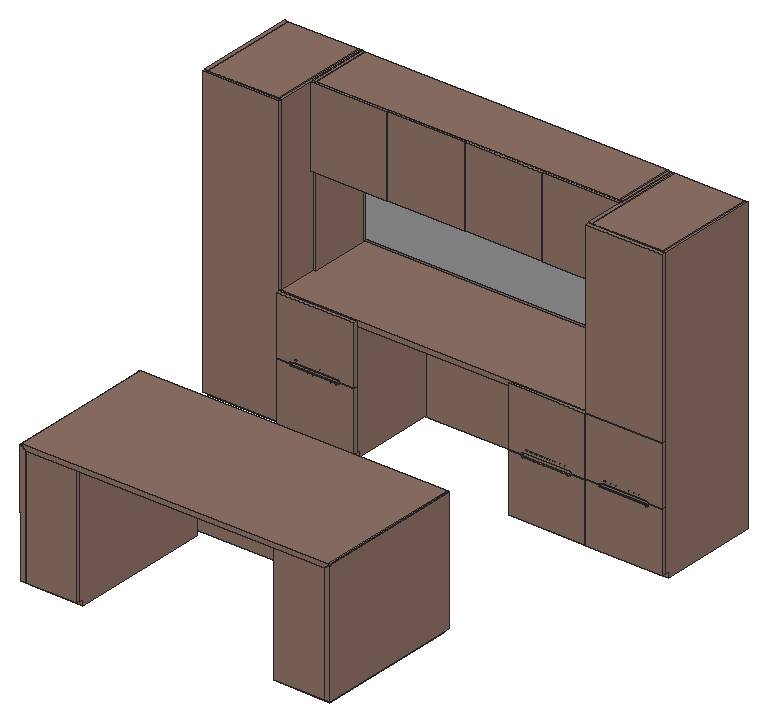
Revit family "OFS TYPICAL T100001", category Furniture, Revit 2022 (continued)
Definition of nested family "OFS SLATE CREDENZAS"
  Definition of nested family "OFS_Slate Private Office_Credenzas_Lateral File Cabinet"
    Lines and regions (in)
      Masking region 1, visible <- "Lateral File/Cabinet"
        outline origin (77.82463, -60, 29.2) x (0, -1, 0) y (1, 0, 0)
          loop
            line (-60, -77.82463) -> (-35.16339, -77.82463) -> (-35.16339, -11.82463) -> (-60, -11.82463) -> (-60, -77.82463)
    Dimensions and locks (in)
      "Width 1": plane 3 "Center (Left/Right)" to plane 5
      plane 3 "Center (Left/Right)" to plane 10 to plane 6 to plane 18 = 0' - 0 1/8" locked, 0' - 0 5/8" locked, 1' - 5 1/4" locked
      plane 19 to plane 4 to plane 11 to plane 5 = 1' - 5 1/4" locked, 0' - 0 5/8" locked, 0' - 0 1/8" locked
      equal spacing: plane 3 "Center (Left/Right)", plane 17, plane 5
      equal spacing: Sweep 11 sketch curve, plane 17, Sweep 11 sketch curve
      "Length": Sweep 11 sketch curve to Sweep 11 sketch curve
      locked: plane 18 to Extrusion 14 sketch curve at 0.125
      locked: plane 19 to Extrusion 14 sketch curve at 0.125
      aligned and locked: level to plane 2
      aligned and locked: Extrusion 6 to plane 5
      aligned and locked: Sweep 7 sketch curve to Extrusion 6  (x2)
      aligned and locked: plane 9 to Sweep 7 sketch curve
      aligned and locked: plane 4 to Extrusion 8
      aligned and locked: plane 6 to Extrusion 8
      aligned and locked: Extrusion 12 sketch curve to plane 6
      aligned and locked: Extrusion 12 sketch curve to plane 4
      aligned and locked: Masking region 1 sketch curve to Extrusion 6  (x2)
      aligned and locked: Masking region 1 sketch curve to plane 8
      aligned and locked: Masking region 1 sketch curve to plane 5
      aligned and locked: Extrusion 13 to plane 11
      aligned and locked: Extrusion 13 to plane 19
      aligned and locked: Extrusion 14 sketch curve to Extrusion 14 sketch curve  (x2)
    Automatic sketch dimensions
      Revolve 1 sketch curve to plane 12 = 0' - 0"
      Revolve 1 sketch curve to level = 0' - 0"  (x2)
      Revolve 1 sketch curve to plane 6 = 0' - 0.6409"
      Revolve 1 sketch curve to Revolve 1 sketch curve = 0' - 0.245"
      Revolve 1 sketch curve to Revolve 1 sketch curve = 0' - 0.005"
      Revolve 1 sketch curve to Revolve 1 sketch curve = 0' - 0.03868"
      level to Revolve 1 sketch curve = 0' - 0.13"
      Revolve 1 sketch curve to Revolve 1 sketch curve = 0' - 0"
      Revolve 1 sketch curve to level = 0' - 0.09316"
      Revolve 2 sketch curve to plane 12 = 0' - 0"
      Revolve 2 sketch curve to level = 0' - 0"  (x2)
      Revolve 2 sketch curve to plane 4 = 0' - 0.6409"
      Revolve 2 sketch curve to Revolve 2 sketch curve = 0' - 0.245"
      Revolve 2 sketch curve to Revolve 2 sketch curve = 0' - 0.005"
      Revolve 2 sketch curve to Revolve 2 sketch curve = 0' - 0.03868"
      Revolve 2 sketch curve to plane 12 = 0' - 0.19756"
      Revolve 2 sketch curve to Revolve 2 sketch curve = 0' - 0"
      Revolve 2 sketch curve to Revolve 2 sketch curve = 0' - 0.09316"
      Revolve 3 sketch curve to plane 12 = 0' - 0"
      Revolve 3 sketch curve to level = 0' - 0"  (x2)
      Revolve 3 sketch curve to plane 4 = 0' - 0.6409"
      Revolve 3 sketch curve to Revolve 3 sketch curve = 0' - 0.245"
      Revolve 3 sketch curve to Revolve 3 sketch curve = 0' - 0.005"
      Revolve 3 sketch curve to Revolve 3 sketch curve = 0' - 0.03868"
      level to Revolve 3 sketch curve = 0' - 0.13"
      Revolve 3 sketch curve to Revolve 3 sketch curve = 0' - 0"
      Revolve 3 sketch curve to Revolve 3 sketch curve = 0' - 0.09316"
      Revolve 4 sketch curve to plane 12 = 0' - 0"
      Revolve 4 sketch curve to level = 0' - 0"  (x2)
      Revolve 4 sketch curve to plane 6 = 0' - 0.6409"
      Revolve 4 sketch curve to Revolve 4 sketch curve = 0' - 0.245"
      Revolve 4 sketch curve to Revolve 4 sketch curve = 0' - 0.005"
      Revolve 4 sketch curve to Revolve 4 sketch curve = 0' - 0.03868"
      Revolve 4 sketch curve to Revolve 4 sketch curve = 0' - 0.19756"
      Revolve 4 sketch curve to Revolve 4 sketch curve = 0' - 0"
      Revolve 4 sketch curve to level = 0' - 0.09316"
      Extrusion 5 sketch curve to plane 4 = 0' - 0"  (x2)
      Extrusion 5 sketch curve to plane 6 = 0' - 0"  (x2)
      plane 14 to Extrusion 5 sketch curve = 0' - 0.62544"  (x2)
      Extrusion 5 sketch curve to Extrusion 5 sketch curve = 0' - 1 1/2"  (x2)
      Extrusion 5 sketch curve to plane 15 = 0' - 0.62544"  (x2)
      Extrusion 5 sketch curve to plane 6 = 0' - 1 1/2"  (x2)
      Extrusion 5 sketch curve to plane 14 = 0' - 0.87456"  (x2)
      plane 15 to Extrusion 5 sketch curve = 0' - 0.87456"  (x2)
      Extrusion 6 sketch curve to plane 7 = 0' - 0"
      Extrusion 6 sketch curve to plane 1 "Center (Front/Back)" = 0' - 0"
      plane 13 to Extrusion 6 sketch curve = 0' - 0"
      plane 13 to Extrusion 6 sketch curve = 0' - 1 3/16"
      plane 1 "Center (Front/Back)" to Sweep 7 sketch curve = 0' - 0"  (x2)
      Sweep 7 sketch curve to plane 12 = 0' - 0"
      Sweep 7 sketch curve to profile plane = 0' - 0"
      profile plane to Sweep 7 sketch curve = 0' - 0 3/4"
      plane 12 to Sweep 7 sketch curve = 0' - 1 1/4"
      Extrusion 8 sketch curve to plane 12 = 0' - 0"
      Extrusion 8 sketch curve to plane 1 "Center (Front/Back)" = 0' - 0"
      plane 14 to Extrusion 8 sketch curve = 0' - 0.62544"
      plane 13 to Extrusion 8 sketch curve = 0' - 1 3/16"
      Extrusion 9 sketch curve to plane 3 "Center (Left/Right)" = 0' - 0"
      plane 6 to Extrusion 9 sketch curve = 0' - 0"
      Extrusion 9 sketch curve to plane 4 = 0' - 0"
      plane 5 to Extrusion 9 sketch curve = 0' - 0"
      plane 12 to Extrusion 9 sketch curve = 0' - 1 1/4"  (x2)
      plane 13 to Extrusion 9 sketch curve = 0' - 1 3/16"  (x2)
      Extrusion 10 sketch curve to plane 8 = 0' - 0"
      plane 13 to Extrusion 10 sketch curve = 0' - 0 1/16"
      plane 8 to Extrusion 10 sketch curve = 0' - 0.26"
      plane 13 to Extrusion 10 sketch curve = 0' - 0.09911"
      Extrusion 10 sketch curve to Extrusion 10 sketch curve = 0' - 0.08839"
      Extrusion 10 sketch curve to plane 7 = 0' - 0.08661"
      plane 13 to Extrusion 10 sketch curve = 0' - 0.50072"
      plane 12 to Extrusion 10 sketch curve = 0' - 1 1/4"
      Sweep 11 sketch curve to plane 8 = 0' - 0"
      plane 8 to Sweep 11 sketch curve = 0' - 0.06025"
      Sweep 11 sketch curve to profile plane = 0' - 0.18113"
      Sweep 11 sketch curve to profile plane = 0' - 0.23364"
      Sweep 11 sketch curve to Sweep 11 sketch curve = 0' - 0.06813"
      Sweep 11 sketch curve to Sweep 11 sketch curve = 0' - 0 33/64"
      Sweep 11 sketch curve to Sweep 11 sketch curve = 0' - 0.29853"
      Sweep 11 sketch curve to Sweep 11 sketch curve = 0' - 0.23498"
      plane 12 to Extrusion 12 sketch curve = 0' - 1 1/4"
      Extrusion 12 sketch curve to Extrusion 12 sketch curve = 0' - 0 3/4"
      Extrusion 13 sketch curve to plane 8 = 0' - 0"
      plane 13 to Extrusion 13 sketch curve = 0' - 0 1/16"
      Extrusion 13 sketch curve to Extrusion 13 sketch curve = 0' - 0.26"
      plane 13 to Extrusion 13 sketch curve = 0' - 0.09911"
      Extrusion 13 sketch curve to Extrusion 13 sketch curve = 0' - 0.08839"
      Extrusion 13 sketch curve to plane 7 = 0' - 0.08661"
      plane 13 to Extrusion 13 sketch curve = 0' - 0.50072"
      plane 12 to Extrusion 13 sketch curve = 0' - 1 1/4"
      plane 12 to Extrusion 14 sketch curve = 0' - 1 1/4"
      Extrusion 14 sketch curve to Extrusion 14 sketch curve = 1' - 1 21/32"
      Extrusion 14 sketch curve to Extrusion 14 sketch curve = 0' - 0 1/8"
      plane 13 to Extrusion 14 sketch curve = 0' - 0 1/16"
      plane 12 to Sweep 11 sketch curve = 1' - 2.15699"
      Sweep 11 sketch curve to Sweep 11 sketch curve = 0' - 0.81176"
  Definition of nested family "OFS_Slate Private Office_Credenzas_Lateral File"
    Parameters
      Width [instance] = 2' - 6"
      URL = "http://www.ofsbrands.com/"
      Type = 2
      Top [instance] = none
      Model = "Type Catalog"
      Manufacturer = "OFS BRANDS"  # constant formula
      Length 3 [instance] = if(or(and(Type = 2, Width = 5' 0"), and(Type = 2, Width = 6' 0")), (Width / 2 + 0' 3.624"), Width + 0' 3")  # 2' - 9"
      Length 2 [instance] = if(or(and(Type = 2, Width = 2' 6"), and(Type = 2, Width = 5' 0")), 1' 10.692", 2' 4.692")  # 1' - 10.692"
      Length 1 [instance] = if(and(Type = 2, Width < 5' 0"), 0' 0", Width / 2)  # 0' - 0"
      Lateral File = Type = 2  # yes
      Glides [instance] = none
      Drawers [instance] = none
      Description = "Type Catalog"
      Default Elevation = 0' - 0"
      Copyright © = "© 2016 OFS BRANDS"  # constant formula
      Catalog = "OFS"  # constant formula
      Case [instance] = none
      Base [instance] = none
      Authoring Version = "Autodesk Revit Architecture 2014"  # constant formula
      Assembly Code = "E2020200"
    Reference planes (in)
      plane 1 "Center (Front/Back)": y = 0
      plane 2: z = 0
      plane 3 "Center (Left/Right)": x = 0
      plane 4: x = 0
      plane 5: x = 29.25
      plane 6: x = 30
      plane 7: x = 0.75
      plane 8: y = -24
      plane 9: y = -24.83661
      plane 10: y = -23.125
      plane 11: x = 0.125
      plane 12: x = 29.875
      plane 13: z = 0.45
      plane 14: z = 29.2
      plane 15: y = -1.37544
      plane 16: y = -21.74956
      plane 17: y = -11.5625
      plane 18: x = 15
    Forms (in)
      Revolve 1, solid, material <- "Glides", visible <- "Lateral File"
        sketch origin (1.0178, -1.37544, 47.24409) x (-1, 0, 0) y (0, 0, 1)
          loop
            line (-0.3731, -46.79409) -> (-0.3731, -47.24409) -> (-0.1281, -47.24409)
            arc (-0.1281, -47.24409) -> (0, -47.13626) -> (-0.08442, -46.99165) r 0.13
            line (-0.08442, -46.99165) -> (-0.1231, -46.99165) -> (-0.1231, -46.79409) -> (-0.3731, -46.79409)
          axis (-0.3731, -46.79409) -> (-0.3731, -47.24409)
        angle from 0 to 360
      Revolve 2, solid, material <- "Glides", visible <- "Lateral File"
        sketch origin (70.9822, -1.37544, 47.24409) x (1, 0, 0) y (0, 0, -1)
          loop
            line (-42.3731, 46.79409) -> (-42.1231, 46.79409) -> (-42.1231, 46.99165) -> (-42.08442, 46.99165)
            arc (-42.08442, 46.99165) -> (-42, 47.13626) -> (-42.1281, 47.24409) r 0.13
            line (-42.1281, 47.24409) -> (-42.3731, 47.24409) -> (-42.3731, 46.79409)
          axis (-42.3731, 46.79409) -> (-42.3731, 47.24409)
        angle from 0 to 360
      Revolve 3, solid, material <- "Glides", visible <- "Lateral File"
        sketch origin (70.9822, -21.74956, 47.24409) x (1, 0, 0) y (0, 0, 1)
          loop
            line (-42.3731, -46.79409) -> (-42.3731, -47.24409) -> (-42.1281, -47.24409)
            arc (-42.1281, -47.24409) -> (-42, -47.13626) -> (-42.08442, -46.99165) r 0.13
            line (-42.08442, -46.99165) -> (-42.1231, -46.99165) -> (-42.1231, -46.79409) -> (-42.3731, -46.79409)
          axis (-42.3731, -46.79409) -> (-42.3731, -47.24409)
        angle from 0 to 360
      Revolve 4, solid, material <- "Glides", visible <- "Lateral File"
        sketch origin (1.0178, -21.74956, 47.24409) x (-1, 0, 0) y (0, 0, -1)
          loop
            line (-0.3731, 46.79409) -> (-0.1231, 46.79409) -> (-0.1231, 46.99165) -> (-0.08442, 46.99165)
            arc (-0.08442, 46.99165) -> (0, 47.13626) -> (-0.1281, 47.24409) r 0.13
            line (-0.1281, 47.24409) -> (-0.3731, 47.24409) -> (-0.3731, 46.79409)
          axis (-0.3731, 46.79409) -> (-0.3731, 47.24409)
        angle from 0 to 360
      Extrusion 5, solid, material <- "Case", visible <- "Lateral File"
        sketch origin (-60.07556, -60, 0.45) x (-1, 0, 0) y (0, -1, 0)
          loop
            line (-60.82556, -59.25) -> (-60.82556, -57.75) -> (-62.32556, -57.75) -> (-62.32556, -59.25) -> (-60.82556, -59.25)
          loop
            line (-60.82556, -39.125) -> (-60.82556, -37.625) -> (-62.32556, -37.625) -> (-62.32556, -39.125) -> (-60.82556, -39.125)
          loop
            line (-89.32556, -59.25) -> (-87.82556, -59.25) -> (-87.82556, -57.75) -> (-89.32556, -57.75) -> (-89.32556, -59.25)
          loop
            line (-89.32556, -39.125) -> (-87.82556, -39.125) -> (-87.82556, -37.625) -> (-89.32556, -37.625) -> (-89.32556, -39.125)
        from 0 to 1.25
      Extrusion 6, solid, material <- "Top", visible <- "Lateral File"
        sketch origin (0, 0, 0) x (0, 1, 0) y (0, 0, 1)
          loop
            line (0, 29.2) -> (-24, 29.2) -> (-24, 28.0125) -> (0, 28.0125) -> (0, 29.2)
        from 0 to 30
      Sweep 7, solid, material <- "Case", visible <- "Lateral File"
        path origin (-60.07556, -60, 0.45) x (-1, 0, 0) y (0, -1, 0)
          loop
            line (-90.07556, -60) -> (-90.07556, -36.875) -> (-60.07556, -36.875) -> (-60.07556, -60)
        profile origin (0, -11.5625, 0.45) x (-1, 0, 0) y (0, 0, 1)
          loop
            line (-0.75, 0) -> (0, 0) -> (0, 1.25) -> (-0.75, 1.25) -> (-0.75, 0)
      Extrusion 8, solid, material <- "Case", visible <- "Lateral File"
        sketch origin (0, 0, 0) x (0, 1, 0) y (0, 0, 1)
          loop
            line (0, 28.0125) -> (-0.75, 28.0125) -> (-0.75, 0.45) -> (0, 0.45) -> (0, 28.0125)
        from 0.75 to 29.25
      Extrusion 9, solid, material <- "Case", visible <- "Lateral File"
        sketch origin (0, 0, 0) x (1, 0, 0) y (0, 0, 1)
          loop
            line (0, 28.0125) -> (0, 1.7) -> (0.75, 1.7) -> (0.75, 28.0125) -> (0, 28.0125)
          loop
            line (29.25, 28.0125) -> (29.25, 1.7) -> (30, 1.7) -> (30, 28.0125) -> (29.25, 28.0125)
        from 0 to 24
      Extrusion 10, solid, material <- "Drawers", visible <- "Lateral File"
        sketch origin (0.125, -24.83661, 47.24409) x (0, -1, 0) y (0, 0, 1)
          loop
            line (-0.75, -18.10659) -> (-0.75, -31.76284) -> (0, -31.76284) -> (0, -18.10659) -> (-0.75, -18.10659)
          loop
            line (-0.75, -45.5441) -> (0, -45.5441) -> (0, -31.88784) -> (-0.75, -31.88784) -> (-0.75, -45.5441)
        from 0 to -29.75
      Extrusion 11, void
        sketch origin (-60.07556, -60, 0.45) x (0, -1, 0) y (-1, 0, 0)
          loop
            line (-35.91339, -60.01306) -> (-35.91339, -60.13806) -> (-35.16339, -60.13806) -> (-35.16339, -60.01306) -> (-35.91339, -60.01306)
        from 0 to -28.75
      Sweep 12, void
        path origin (-3.76383, -24.83661, 47.24409) x (-1, 0, 0) y (0, 0, 1)
          loop
            line (-7.41768, -31.01358) -> (-30.10968, -31.01358)
            arc (-30.10968, -31.01358) -> (-30.92144, -31.82534) -> (-30.10968, -32.63711) r 0.81176
            line (-30.10968, -32.63711) -> (-7.41768, -32.63711)
            arc (-7.41768, -32.63711) -> (-6.60591, -31.82534) -> (-7.41768, -31.01358) r 0.81176
        profile origin (14.99984, -24.83661, 16.23051) x (0, 0, -1) y (0, 1, 0)
          loop
            line (0.74926, 0) -> (0.74926, 0.59375) -> (0.23364, 0.59375)
            arc (0.23364, 0.59375) -> (-0.00045, 0.3792) -> (0.19294, 0.12735) r 0.23498
            arc (0.19294, 0.12735) -> (0.23332, 0.10405) -> (0.24927, 0.06025) r 0.06813
            line (0.24927, 0.06025) -> (0.24927, 0) -> (0.74926, 0)
      Sweep 13, void
        path origin (63.76383, -24.83661, 47.24409) x (1, 0, 0) y (0, 0, -1)
          loop
            arc (-8.07183, 31.01358) -> (-7.26007, 31.82534) -> (-8.07183, 32.63711) r 0.81176
            line (-8.07183, 32.63711) -> (-30.76383, 32.63711)
            arc (-30.76383, 32.63711) -> (-31.5756, 31.82534) -> (-30.76383, 31.01358) r 0.81176
            line (-30.76383, 31.01358) -> (-8.07183, 31.01358)
        profile origin (44.346, -24.83661, 16.23051) x (0, 0, 1) y (0, 1, 0)
          loop
            line (-0.74926, 0) -> (-0.24927, 0) -> (-0.24927, 0.06025)
            arc (-0.24927, 0.06025) -> (-0.23332, 0.10405) -> (-0.19294, 0.12735) r 0.06813
            arc (-0.19294, 0.12735) -> (0.00045, 0.3792) -> (-0.23364, 0.59375) r 0.23498
            line (-0.23364, 0.59375) -> (-0.74926, 0.59375) -> (-0.74926, 0)
      Extrusion 14, solid, material <- "Base", visible <- "Lateral File"
        sketch origin (-3.76383, -24.83661, 47.24409) x (-1, 0, 0) y (0, 0, 1)
          loop
            line (-4.51383, -44.79409) -> (-33.01383, -44.79409) -> (-33.01383, -45.54409) -> (-4.51383, -45.54409) -> (-4.51383, -44.79409)
        from 0.83661 to 24.08661
    Cuts and joins
      Extrusion 11, Sweep 12, Sweep 13 cuts Extrusion 10
      joined: Revolve 1, Revolve 2, Revolve 3, Revolve 4
    Lines and regions (in)
      Masking region 1, visible <- "Lateral File"
        outline origin (77.82463, -60, 29.2) x (0, -1, 0) y (1, 0, 0)
          loop
            line (-60, -77.82463) -> (-36, -77.82463) -> (-36, -47.82463) -> (-60, -47.82463) -> (-60, -77.82463)
    Dimensions and locks (in)
      "Width": plane 3 "Center (Left/Right)" to plane 6
      plane 3 "Center (Left/Right)" to plane 11 to plane 7 = 0' - 0 1/8" locked, 0' - 0 5/8" locked
      plane 5 to plane 12 to plane 6 = 0' - 0 5/8" locked, 0' - 0 1/8" locked
      "Length 1": plane 3 "Center (Left/Right)" to plane 4
      Extrusion 11 sketch curve to plane 4 to Extrusion 11 sketch curve = 0' - 0 1/16" locked, 0' - 0 1/16" locked
      equal spacing: plane 6, plane 18, plane 3 "Center (Left/Right)"
      locked: Sweep 12 sketch curve to plane 3 "Center (Left/Right)" at 3.65384
      "Length 2": Sweep 12 sketch curve to Sweep 12 sketch curve
      "Length 2": Sweep 13 sketch curve to Sweep 13 sketch curve
      "Length 3": Sweep 13 sketch curve to plane 3 "Center (Left/Right)"
      aligned and locked: level to plane 2
      aligned and locked: Extrusion 6 to plane 6
      aligned and locked: Sweep 7 sketch curve to Extrusion 6  (x2)
      aligned and locked: plane 10 to Sweep 7 sketch curve
      aligned and locked: plane 5 to Extrusion 8
      aligned and locked: plane 7 to Extrusion 8
      aligned and locked: Extrusion 10 to plane 12
      aligned and locked: Extrusion 11 to plane 14
      aligned and locked: Extrusion 14 sketch curve to plane 7
      aligned and locked: Extrusion 14 sketch curve to plane 5
      aligned and locked: Masking region 1 sketch curve to Extrusion 6  (x4)
    Automatic sketch dimensions
      Revolve 1 sketch curve to plane 13 = 0' - 0"
      Revolve 1 sketch curve to level = 0' - 0"  (x2)
      Revolve 1 sketch curve to plane 7 = 0' - 0.6409"
      Revolve 1 sketch curve to Revolve 1 sketch curve = 0' - 0.245"
      Revolve 1 sketch curve to Revolve 1 sketch curve = 0' - 0.005"
      Revolve 1 sketch curve to Revolve 1 sketch curve = 0' - 0.03868"
      level to Revolve 1 sketch curve = 0' - 0.13"
      Revolve 1 sketch curve to Revolve 1 sketch curve = 0' - 0"
      Revolve 1 sketch curve to level = 0' - 0.09316"
      Revolve 2 sketch curve to plane 13 = 0' - 0"
      Revolve 2 sketch curve to level = 0' - 0"  (x2)
      Revolve 2 sketch curve to plane 5 = 0' - 0.6409"
      Revolve 2 sketch curve to Revolve 2 sketch curve = 0' - 0.245"
      Revolve 2 sketch curve to Revolve 2 sketch curve = 0' - 0.005"
      Revolve 2 sketch curve to Revolve 2 sketch curve = 0' - 0.03868"
      Revolve 2 sketch curve to plane 13 = 0' - 0.19756"
      Revolve 2 sketch curve to Revolve 2 sketch curve = 0' - 0"
      Revolve 2 sketch curve to Revolve 2 sketch curve = 0' - 0.09316"
      Revolve 3 sketch curve to plane 13 = 0' - 0"
      Revolve 3 sketch curve to level = 0' - 0"  (x2)
      Revolve 3 sketch curve to plane 5 = 0' - 0.6409"
      Revolve 3 sketch curve to Revolve 3 sketch curve = 0' - 0.245"
      Revolve 3 sketch curve to Revolve 3 sketch curve = 0' - 0.005"
      Revolve 3 sketch curve to Revolve 3 sketch curve = 0' - 0.03868"
      level to Revolve 3 sketch curve = 0' - 0.13"
      Revolve 3 sketch curve to Revolve 3 sketch curve = 0' - 0"
      Revolve 3 sketch curve to Revolve 3 sketch curve = 0' - 0.09316"
      Revolve 4 sketch curve to plane 13 = 0' - 0"
      Revolve 4 sketch curve to level = 0' - 0"  (x2)
      Revolve 4 sketch curve to plane 7 = 0' - 0.6409"
      Revolve 4 sketch curve to Revolve 4 sketch curve = 0' - 0.245"
      Revolve 4 sketch curve to Revolve 4 sketch curve = 0' - 0.005"
      Revolve 4 sketch curve to Revolve 4 sketch curve = 0' - 0.03868"
      Revolve 4 sketch curve to Revolve 4 sketch curve = 0' - 0.19756"
      Revolve 4 sketch curve to Revolve 4 sketch curve = 0' - 0"
      Revolve 4 sketch curve to level = 0' - 0.09316"
      Extrusion 5 sketch curve to plane 5 = 0' - 0"  (x2)
      Extrusion 5 sketch curve to plane 7 = 0' - 0"  (x2)
      plane 15 to Extrusion 5 sketch curve = 0' - 0.62544"  (x2)
      Extrusion 5 sketch curve to Extrusion 5 sketch curve = 0' - 1 1/2"  (x2)
      Extrusion 5 sketch curve to plane 16 = 0' - 0.62544"  (x2)
      Extrusion 5 sketch curve to plane 7 = 0' - 1 1/2"  (x2)
      Extrusion 5 sketch curve to plane 15 = 0' - 0.87456"  (x2)
      plane 16 to Extrusion 5 sketch curve = 0' - 0.87456"  (x2)
      Extrusion 6 sketch curve to plane 8 = 0' - 0"
      Extrusion 6 sketch curve to plane 1 "Center (Front/Back)" = 0' - 0"
      plane 14 to Extrusion 6 sketch curve = 0' - 0"
      plane 14 to Extrusion 6 sketch curve = 0' - 1 3/16"
      plane 1 "Center (Front/Back)" to Sweep 7 sketch curve = 0' - 0"  (x2)
      Sweep 7 sketch curve to plane 13 = 0' - 0"
      Sweep 7 sketch curve to profile plane = 0' - 0"
      profile plane to Sweep 7 sketch curve = 0' - 0 3/4"
      plane 13 to Sweep 7 sketch curve = 0' - 1 1/4"
      Extrusion 8 sketch curve to plane 13 = 0' - 0"
      Extrusion 8 sketch curve to plane 1 "Center (Front/Back)" = 0' - 0"
      plane 15 to Extrusion 8 sketch curve = 0' - 0.62544"
      plane 14 to Extrusion 8 sketch curve = 0' - 1 3/16"
      Extrusion 9 sketch curve to plane 3 "Center (Left/Right)" = 0' - 0"
      plane 7 to Extrusion 9 sketch curve = 0' - 0"
      Extrusion 9 sketch curve to plane 5 = 0' - 0"
      plane 6 to Extrusion 9 sketch curve = 0' - 0"
      plane 13 to Extrusion 9 sketch curve = 0' - 1 1/4"  (x2)
      plane 14 to Extrusion 9 sketch curve = 0' - 1 3/16"  (x2)
      Extrusion 10 sketch curve to plane 9 = 0' - 0"  (x2)
      Extrusion 10 sketch curve to plane 8 = 0' - 0.08661"  (x2)
      plane 13 to Extrusion 10 sketch curve = 0' - 1 1/4"
      Extrusion 10 sketch curve to Extrusion 10 sketch curve = 1' - 1 21/32"
      Extrusion 10 sketch curve to Extrusion 10 sketch curve = 0' - 0 1/8"
      plane 14 to Extrusion 10 sketch curve = 0' - 0 1/16"
      Extrusion 11 sketch curve to plane 9 = 0' - 0"
      Extrusion 11 sketch curve to plane 8 = 0' - 0.08661"
      Sweep 12 sketch curve to plane 9 = 0' - 0"
      plane 9 to Sweep 12 sketch curve = 0' - 0.06025"
      Sweep 12 sketch curve to profile plane = 0' - 0.18113"
      Sweep 12 sketch curve to profile plane = 0' - 0.23364"
      Sweep 12 sketch curve to Sweep 12 sketch curve = 0' - 0.06813"
      Sweep 12 sketch curve to Sweep 12 sketch curve = 0' - 0 33/64"
      Sweep 12 sketch curve to Sweep 12 sketch curve = 0' - 0.29853"
      Sweep 12 sketch curve to Sweep 12 sketch curve = 0' - 0.23498"
      Sweep 13 sketch curve to plane 9 = 0' - 0"
      profile plane to Sweep 13 sketch curve = 0' - 0.74926"
      profile plane to Sweep 13 sketch curve = 0' - 0.24927"
      profile plane to Sweep 13 sketch curve = 0' - 0.23364"
      Sweep 13 sketch curve to Sweep 13 sketch curve = 0' - 0.06813"
      plane 9 to Sweep 13 sketch curve = 0' - 0.06025"
      Sweep 13 sketch curve to Sweep 13 sketch curve = 0' - 0.29853"
      Sweep 13 sketch curve to Sweep 13 sketch curve = 0' - 0.23498"
      plane 13 to Extrusion 14 sketch curve = 0' - 1 1/4"
      Extrusion 14 sketch curve to Extrusion 14 sketch curve = 0' - 0 3/4"
      plane 13 to Sweep 12 sketch curve = 1' - 2.15699"
      Sweep 12 sketch curve to Sweep 12 sketch curve = 0' - 0.81176"
      plane 14 to Sweep 13 sketch curve = 1' - 0.96949"
      Sweep 13 sketch curve to Sweep 13 sketch curve = 0' - 0.81176"
  Definition of nested family "OFS_Slate Private Office_Credenzas_Overlay Lateral File Doors"
    Parameters
      Width 1 [instance] = if(Width < 5' 0", 5' 0", Width)  # 5' - 0"
      Width [instance] = 5' - 0"
      URL = "http://www.ofsbrands.com/"
      Type = 5
      Top [instance] = none
      Panel [instance] = none
      Model = "Type Catalog"
      Manufacturer = "OFS BRANDS"  # constant formula
      Length 2 [instance] = if(and(Type = 5, Width < 5' 0"), 0' 0.063", 1' 5 7/8")  # 1' - 5 7/8"
      Length 1 [instance] = if(and(Type = 5, Width = 2' 6"), 1' 7.255", if(and(Type = 5, Width = 3' 0"), 2' 1.255", if(and(Type = 5, Width = 5' 0"), 1' 1.255", if(and(Type = 5, Width = 6' 0"), 2' 1.255", if(and(Type = 5, Width = 7' 6"), 1' 6.005", 2' 3.005")))))  # 1' - 1.255"
      Overlay Lateral File = Type = 5  # yes
      Lateral Drawers [instance] = and(Overlay Lateral File, not(Width < 5' 0"))  # yes
      Glides [instance] = none
      Drawers [instance] = none
      Description = "Type Catalog"
      Default Elevation = 0' - 0"
      Copyright © = "© 2016 OFS BRANDS"  # constant formula
      Catalog = "OFS"  # constant formula
      Case [instance] = none
      Base [instance] = none
      Authoring Version = "Autodesk Revit Architecture 2014"  # constant formula
      Assembly Code = "E2020200"
      4 Drawers [instance] = and(Type = 5, Width > 6' 0")  # no
      2 Drawers [instance] = and(Type = 5, Width < 7' 6")  # yes
    Reference planes (in)
      plane 1 "Center (Front/Back)": y = 0
      plane 2: z = 0
      plane 3 "Center (Left/Right)": x = 0
      plane 4: x = 59.25
      plane 5: x = 60
      plane 6: x = 0.75
      plane 7: y = -24
      plane 8: y = -25.58661
      plane 9: y = -23.125
      plane 10: x = 0.125
      plane 11: x = 59.875
      plane 12: z = 0.45
      plane 13: z = 30.3875
      plane 14: y = -1.38677
      plane 15: y = -21.25
      plane 16: y = -11.5625
      plane 17: x = 30
      plane 18: x = 19.6875
      plane 19: x = 40.3125
      plane 20: x = 1.8125
      plane 21: x = 58.1875
      plane 22: x = 58.0625
    Forms (in)
      Revolve 1, solid, material <- "Glides", visible <- "Overlay Lateral File"
        sketch origin (1.0178, -1.38677, 47.24409) x (-1, 0, 0) y (0, 0, 1)
          loop
            line (0.04905, -46.79409) -> (0.04905, -47.24409) -> (0.29405, -47.24409)
            arc (0.29405, -47.24409) -> (0.42215, -47.13626) -> (0.33773, -46.99165) r 0.13
            line (0.33773, -46.99165) -> (0.29905, -46.99165) -> (0.29905, -46.79409) -> (0.04905, -46.79409)
          axis (0.04905, -46.79409) -> (0.04905, -47.24409)
        angle from 0 to 360
      Revolve 2, solid, material <- "Glides", visible <- "Overlay Lateral File"
        sketch origin (70.9822, -1.38677, 47.24409) x (1, 0, 0) y (0, 0, -1)
          loop
            line (-11.95095, 46.79409) -> (-11.70095, 46.79409) -> (-11.70095, 46.99165) -> (-11.66227, 46.99165)
            arc (-11.66227, 46.99165) -> (-11.57785, 47.13626) -> (-11.70595, 47.24409) r 0.13
            line (-11.70595, 47.24409) -> (-11.95095, 47.24409) -> (-11.95095, 46.79409)
          axis (-11.95095, 46.79409) -> (-11.95095, 47.24409)
        angle from 0 to 360
      Revolve 3, solid, material <- "Glides", visible <- "Overlay Lateral File"
        sketch origin (1.0178, -21.25, 47.24409) x (-1, 0, 0) y (0, 0, 1)
          loop
            line (-58.01344, -46.79409) -> (-58.26344, -46.79409) -> (-58.26344, -46.99165) -> (-58.30212, -46.99165)
            arc (-58.30212, -46.99165) -> (-58.38654, -47.13626) -> (-58.25844, -47.24409) r 0.13
            line (-58.25844, -47.24409) -> (-58.01344, -47.24409) -> (-58.01344, -46.79409)
          axis (-58.01344, -46.79409) -> (-58.01344, -47.24409)
        angle from 0 to 360
      Revolve 4, solid, material <- "Glides", visible <- "Overlay Lateral File"
        sketch origin (1.0178, -21.25, 47.24409) x (-1, 0, 0) y (0, 0, 1)
          loop
            line (0.04905, -46.79409) -> (0.04905, -47.24409) -> (0.29405, -47.24409)
            arc (0.29405, -47.24409) -> (0.42215, -47.13626) -> (0.33773, -46.99165) r 0.13
            line (0.33773, -46.99165) -> (0.29905, -46.99165) -> (0.29905, -46.79409) -> (0.04905, -46.79409)
          axis (0.04905, -46.79409) -> (0.04905, -47.24409)
        angle from 0 to 360
      Sweep 5, solid, material <- "Panel", visible <- "Overlay Lateral File"
        path origin (-60.07556, -60, 0.45) x (-1, 0, 0) y (0, -1, 0)
          loop
            line (-120.07556, -36.875) -> (-60.07556, -36.875)
        profile origin (30, -23.125, 0.45) x (0, -1, 0) y (0, 0, 1)
          loop
            line (-0.75, 0) -> (0, 0) -> (0, 1.25) -> (-0.75, 1.25) -> (-0.75, 0)
      Extrusion 6, solid, material <- "Case", visible <- "Overlay Lateral File"
        sketch origin (0, 0, 0) x (0, 1, 0) y (0, 0, 1)
          loop
            line (0, 29.2) -> (-0.76133, 29.2) -> (-0.76133, 0.45) -> (0, 0.45) -> (0, 29.2)
        from 1.9375 to 58.0625
      Extrusion 7, solid, material <- "Panel", visible <- "Overlay Lateral File"
        sketch origin (0, 0, 0) x (1, 0, 0) y (0, 0, 1)
          loop
            line (0, 29.2) -> (0, 1.7) -> (1.9375, 1.7) -> (1.9375, 29.2) -> (0, 29.2)
          loop
            line (58.0625, 29.2) -> (58.0625, 1.7) -> (60, 1.7) -> (60, 29.2) -> (58.0625, 29.2)
        from 0 to 24.75
      Extrusion 8, solid, material <- "Drawers", visible <- "Lateral Drawers"
        sketch origin (0.125, -24.83661, 47.24409) x (0, -1, 0) y (0, 0, 1)
          loop
            line (0.49, -16.91909) -> (0.40162, -16.9557) -> (0, -17.35732) -> (0, -45.5441) -> (0.75, -45.5441) -> (0.75, -16.91909) -> (0.49, -16.91909)
        from -1.6875 to -19.5625
      Extrusion 9, solid, material <- "Base", visible <- "Overlay Lateral File"
        sketch origin (-3.76383, -25.58661, 47.24409) x (-1, 0, 0) y (0, 0, 1)
          loop
            line (-5.70133, -44.79409) -> (-61.82633, -44.79409) -> (-61.82633, -45.54409) -> (-5.70133, -45.54409) -> (-5.70133, -44.79409)
        from 0.83661 to 24.83661
      Extrusion 10, solid, material <- "Drawers", visible <- "Lateral Drawers"
        sketch origin (65.875, -24.83661, 47.24409) x (0, -1, 0) y (0, 0, -1)
          loop
            line (0.49, 16.91909) -> (0.75, 16.91909) -> (0.75, 45.5441) -> (0, 45.5441) -> (0, 17.35732) -> (0.40162, 16.9557) -> (0.49, 16.91909)
        from -7.6875 to -25.5625
      Extrusion 11, solid, material <- "Drawers", visible <- "2 Drawers"
        sketch origin (-3.76383, -25.58661, 47.24409) x (-1, 0, 0) y (0, 0, 1)
          loop
            line (-23.57633, -16.9191) -> (-43.95133, -16.9191) -> (-43.95133, -30.57535) -> (-23.57633, -30.57535) -> (-23.57633, -16.9191)
          loop
            line (-43.95133, -30.70035) -> (-43.95133, -45.54409) -> (-23.57633, -45.54409) -> (-23.57633, -30.70035) -> (-43.95133, -30.70035)
        from 0 to 0.75
      Extrusion 12, solid, material <- "Top", visible <- "Overlay Lateral File"
        sketch origin (1.8125, -27.03977, 47.24409) x (0, -1, 0) y (0, 0, 1)
          loop
            line (-26.28977, -16.85659) -> (-26.28977, -18.0441) -> (-2.28977, -18.0441) -> (-2.28977, -16.85659) -> (-26.28977, -16.85659)
        from 0 to -56.375
      Extrusion 13, solid, material <- "Panel", visible <- "Overlay Lateral File"
        sketch origin (-60.07556, -60, 0.45) x (-1, 0, 0) y (0, -1, 0)
          loop
            line (-62.01306, -38.8125) -> (-62.01306, -60) -> (-60.07556, -60) -> (-60.07556, -36.875) -> (-62.01306, -38.8125)
          loop
            line (-118.13806, -38.8125) -> (-120.07556, -36.875) -> (-120.07556, -60) -> (-118.13806, -60) -> (-118.13806, -38.8125)
        from 0 to 1.25
      Sweep 14, void
        path origin (-3.76383, -25.58661, 47.24409) x (-1, 0, 0) y (0, 0, 1)
          loop
            line (-27.13633, -29.82608) -> (-40.39133, -29.82608)
            arc (-40.39133, -29.82608) -> (-41.2031, -30.63785) -> (-40.39133, -31.44961) r 0.81176
            line (-40.39133, -31.44961) -> (-27.13633, -31.44961)
            arc (-27.13633, -31.44961) -> (-26.32457, -30.63785) -> (-27.13633, -29.82608) r 0.81176
        profile origin (30, -25.58661, 17.41801) x (0, 0, -1) y (0, 1, 0)
          loop
            line (0.74926, 0) -> (0.74926, 0.59375) -> (0.23364, 0.59375)
            arc (0.23364, 0.59375) -> (0.00071, 0.38112) -> (0.19126, 0.12981) r 0.2339
            arc (0.19126, 0.12981) -> (0.23287, 0.10547) -> (0.24927, 0.06015) r 0.07084
            line (0.24927, 0.06015) -> (0.24927, 0) -> (0.74926, 0)
      Extrusion 15, solid, material <- "Drawers", visible <- "4 Drawers"
        sketch origin (30, -60, -12) x (0, 0, -1) y (0, -1, 0)
          loop
            line (-42.325, -35.16339) -> (-28.66875, -35.16339) -> (-28.66875, -34.41339) -> (-42.325, -34.41339) -> (-42.325, -35.16339)
          loop
            line (-28.54375, -35.16339) -> (-13.7, -35.16339) -> (-13.7, -34.41339) -> (-28.54375, -34.41339) -> (-28.54375, -35.16339)
        from 0.125 to 10.1875
      Extrusion 16, solid, material <- "Drawers", visible <- "4 Drawers"
        sketch origin (30, -60, -12) x (0, 0, -1) y (0, -1, 0)
          loop
            line (-42.325, -35.16339) -> (-28.66875, -35.16339) -> (-28.66875, -34.41339) -> (-42.325, -34.41339) -> (-42.325, -35.16339)
          loop
            line (-28.54375, -35.16339) -> (-13.7, -35.16339) -> (-13.7, -34.41339) -> (-28.54375, -34.41339) -> (-28.54375, -35.16339)
        from -0.125 to -10.1875
      Sweep 17, void
        path origin (-3.76383, -25.58661, 47.24409) x (-1, 0, 0) y (0, 0, 1)
          loop
            line (-16.88624, -29.82608) -> (-30.14124, -29.82608)
            arc (-30.14124, -29.82608) -> (-30.953, -30.63785) -> (-30.14124, -31.44961) r 0.81176
            line (-30.14124, -31.44961) -> (-16.88624, -31.44961)
            arc (-16.88624, -31.44961) -> (-16.07448, -30.63785) -> (-16.88624, -29.82608) r 0.81176
        profile origin (19.74991, -25.58661, 17.41801) x (0, 0, -1) y (0, 1, 0)
          loop
            line (0.74926, 0) -> (0.74926, 0.59363) -> (0.23316, 0.59363)
            arc (0.23316, 0.59363) -> (-0.0007, 0.37998) -> (0.191, 0.12781) r 0.23482
            arc (0.191, 0.12781) -> (0.23279, 0.10343) -> (0.24927, 0.05795) r 0.07102
            line (0.24927, 0.05795) -> (0.24927, 0) -> (0.74926, 0)
      Sweep 18, void
        path origin (93.76383, -25.58661, 47.24409) x (1, 0, 0) y (0, 0, -1)
          loop
            arc (-46.88624, 29.82608) -> (-46.07448, 30.63785) -> (-46.88624, 31.44961) r 0.81176
            line (-46.88624, 31.44961) -> (-60.14124, 31.44961)
            arc (-60.14124, 31.44961) -> (-60.953, 30.63785) -> (-60.14124, 29.82608) r 0.81176
            line (-60.14124, 29.82608) -> (-46.88624, 29.82608)
        profile origin (40.25009, -25.58661, 17.41801) x (0, 0, 1) y (0, 1, 0)
          loop
            line (-0.74926, 0) -> (-0.24927, 0) -> (-0.24927, 0.05795)
            arc (-0.24927, 0.05795) -> (-0.23279, 0.10343) -> (-0.191, 0.12781) r 0.07102
            arc (-0.191, 0.12781) -> (0.0007, 0.37998) -> (-0.23316, 0.59363) r 0.23482
            line (-0.23316, 0.59363) -> (-0.74926, 0.59363) -> (-0.74926, 0)
    Cuts and joins
      joined: Revolve 1, Revolve 2, Revolve 3, Revolve 4
      joined: Extrusion 8, Extrusion 10
      joined: Sweep 5, Extrusion 13
      Sweep 14 cuts Extrusion 11
      Sweep 17, Sweep 18 cuts Extrusion 15
      Sweep 18 cuts Extrusion 16
    Lines and regions (in)
      Masking region 1, visible <- "Overlay Lateral File"
        outline origin (77.82463, -60, 30.3875) x (0, -1, 0) y (1, 0, 0)
          loop
            line (-60, -77.82463) -> (-34.41339, -77.82463) -> (-34.41339, -17.82463) -> (-60, -17.82463) -> (-60, -77.82463)
    Dimensions and locks (in)
      "Width 1": plane 3 "Center (Left/Right)" to plane 5
      equal spacing: plane 3 "Center (Left/Right)", plane 17, plane 5
      locked: plane 18 to Extrusion 11 sketch curve at 0.125
      locked: plane 19 to Extrusion 11 sketch curve at 0.125
      locked: Extrusion 7 sketch curve to plane 3 "Center (Left/Right)" at 1.9375
      locked: plane 20 to Extrusion 9 sketch curve at 0.125
      equal spacing: Sweep 14 sketch curve, plane 17, Sweep 14 sketch curve
      "Length 1": Sweep 14 sketch curve to Sweep 14 sketch curve
      Extrusion 13 sketch curve to Extrusion 13 sketch curve to plane 9 = 0' - 0" locked, 0' - 1 15/16" locked
      locked: plane 3 "Center (Left/Right)" to Extrusion 13 sketch curve at 1.9375
      locked: Sweep 17 sketch curve to plane 17 at 3.62259
      "Length 1": Sweep 17 sketch curve to Sweep 17 sketch curve
      "Length 1": Sweep 18 sketch curve to Sweep 18 sketch curve
      locked: plane 17 to Sweep 18 sketch curve at 3.62259
      plane 3 "Center (Left/Right)" to plane 10 to plane 6 to plane 20 = 0' - 0 1/8" locked, 0' - 0 5/8" locked, 0' - 1 1/16" locked
      plane 22 to plane 21 to plane 4 to plane 11 to plane 5 = 0' - 0 1/8" locked, 0' - 1 1/16" locked, 0' - 0 5/8" locked, 0' - 0 1/8" locked
      "Length 2": plane 20 to plane 18
      "Length 2": plane 19 to plane 21
      aligned and locked: level to plane 2
      aligned and locked: plane 9 to Sweep 5 sketch curve
      aligned and locked: Extrusion 10 to plane 19
      aligned and locked: Extrusion 11 sketch curve to Extrusion 11 sketch curve  (x2)
      aligned and locked: cut or joined group of Extrusion 8, Extrusion 10 to plane 18
      aligned and locked: cut or joined group of Extrusion 8, Extrusion 10 to plane 19
      aligned and locked: plane 21 to Extrusion 12
      aligned and locked: plane 21 to cut or joined group of Extrusion 8, Extrusion 10
      aligned and locked: Extrusion 6 to plane 22
      aligned and locked: Extrusion 7 sketch curve to plane 22
      aligned and locked: Extrusion 13 sketch curve to plane 22
      aligned and locked: plane 5 to Extrusion 13 sketch curve
      aligned and locked: plane 9 to Extrusion 13 sketch curve  (x2)
      aligned and locked: Extrusion 13 sketch curve to plane 3 "Center (Left/Right)"
      aligned and locked: plane 22 to Extrusion 9 sketch curve
      aligned and locked: Masking region 1 sketch curve to Extrusion 7
      aligned and locked: cut or joined group of Extrusion 11, Sweep 14 to cut or joined group of Extrusion 15, Sweep 17, Sweep 18
      aligned and locked: cut or joined group of Extrusion 16, Sweep 18 to cut or joined group of Extrusion 11, Sweep 14
    Automatic sketch dimensions
      Revolve 1 sketch curve to plane 12 = 0' - 0"
      Revolve 1 sketch curve to level = 0' - 0"  (x2)
      Revolve 1 sketch curve to plane 6 = 0' - 0 7/32"
      plane 6 to Revolve 1 sketch curve = 0' - 0.02625"
      plane 6 to Revolve 1 sketch curve = 0' - 0 1/32"
      Revolve 1 sketch curve to Revolve 1 sketch curve = 0' - 0.03868"
      level to Revolve 1 sketch curve = 0' - 0.13"
      Revolve 1 sketch curve to Revolve 1 sketch curve = 0' - 0"
      Revolve 1 sketch curve to level = 0' - 0.09316"
      Revolve 2 sketch curve to plane 12 = 0' - 0"
      Revolve 2 sketch curve to level = 0' - 0"  (x2)
      Revolve 2 sketch curve to plane 4 = 0' - 0 7/32"
      plane 4 to Revolve 2 sketch curve = 0' - 0.02625"
      plane 4 to Revolve 2 sketch curve = 0' - 0 1/32"
      Revolve 2 sketch curve to Revolve 2 sketch curve = 0' - 0.03868"
      Revolve 2 sketch curve to plane 12 = 0' - 0.19756"
      Revolve 2 sketch curve to Revolve 2 sketch curve = 0' - 0"
      Revolve 2 sketch curve to Revolve 2 sketch curve = 0' - 0.09316"
      Revolve 3 sketch curve to plane 12 = 0' - 0"
      Revolve 3 sketch curve to level = 0' - 0"  (x2)
      plane 4 to Revolve 3 sketch curve = 0' - 0.06992"
      plane 4 to Revolve 3 sketch curve = 0' - 0 1/32"
      plane 4 to Revolve 3 sketch curve = 0' - 0.02625"
      Revolve 3 sketch curve to plane 4 = 0' - 0 7/32"
      level to Revolve 3 sketch curve = 0' - 0.13"
      Revolve 3 sketch curve to Revolve 3 sketch curve = 0' - 0"
      Revolve 3 sketch curve to Revolve 3 sketch curve = 0' - 0.09316"
      Revolve 4 sketch curve to plane 12 = 0' - 0"
      Revolve 4 sketch curve to level = 0' - 0"  (x2)
      Revolve 4 sketch curve to plane 6 = 0' - 0 7/32"
      plane 6 to Revolve 4 sketch curve = 0' - 0.02625"
      plane 6 to Revolve 4 sketch curve = 0' - 0 1/32"
      Revolve 4 sketch curve to Revolve 4 sketch curve = 0' - 0.03868"
      Revolve 4 sketch curve to Revolve 4 sketch curve = 0' - 0.13"
      Revolve 4 sketch curve to Revolve 4 sketch curve = 0' - 0"
      Revolve 4 sketch curve to level = 0' - 0.09316"
      Sweep 5 sketch curve to plane 5 = 0' - 0"
      Sweep 5 sketch curve to plane 3 "Center (Left/Right)" = 0' - 0"
      Sweep 5 sketch curve to plane 12 = 0' - 0"
      Sweep 5 sketch curve to profile plane = 0' - 0"
      profile plane to Sweep 5 sketch curve = 0' - 0 3/4"
      Sweep 5 sketch curve to Sweep 5 sketch curve = 0' - 1 1/4"
      Extrusion 6 sketch curve to plane 12 = 0' - 0"
      Extrusion 6 sketch curve to plane 1 "Center (Front/Back)" = 0' - 0"
      plane 14 to Extrusion 6 sketch curve = 0' - 0.62544"
      plane 13 to Extrusion 6 sketch curve = 0' - 1 3/16"
      Extrusion 7 sketch curve to plane 3 "Center (Left/Right)" = 0' - 0"
      plane 5 to Extrusion 7 sketch curve = 0' - 0"
      plane 12 to Extrusion 7 sketch curve = 0' - 1 1/4"  (x2)
      plane 13 to Extrusion 7 sketch curve = 0' - 1 3/16"  (x2)
      Extrusion 8 sketch curve to plane 8 = 0' - 0"
      plane 13 to Extrusion 8 sketch curve = 0' - 0 1/16"
      plane 8 to Extrusion 8 sketch curve = 0' - 0.26"
      plane 13 to Extrusion 8 sketch curve = 0' - 0.09911"
      Extrusion 8 sketch curve to Extrusion 8 sketch curve = 0' - 0.08838"
      plane 8 to Extrusion 8 sketch curve = 0' - 0 3/4"
      plane 13 to Extrusion 8 sketch curve = 0' - 0.50072"
      plane 12 to Extrusion 8 sketch curve = 0' - 1 1/4"
      plane 12 to Extrusion 9 sketch curve = 0' - 1 1/4"
      Extrusion 9 sketch curve to Extrusion 9 sketch curve = 0' - 0 3/4"
      Extrusion 10 sketch curve to plane 8 = 0' - 0"
      plane 13 to Extrusion 10 sketch curve = 0' - 0 1/16"
      Extrusion 10 sketch curve to Extrusion 10 sketch curve = 0' - 0.26"
      plane 13 to Extrusion 10 sketch curve = 0' - 0.09911"
      Extrusion 10 sketch curve to Extrusion 10 sketch curve = 0' - 0.08838"
      Extrusion 10 sketch curve to Extrusion 10 sketch curve = 0' - 0 3/4"
      plane 13 to Extrusion 10 sketch curve = 0' - 0.50072"
      plane 12 to Extrusion 10 sketch curve = 0' - 1 1/4"
      plane 12 to Extrusion 11 sketch curve = 0' - 1 1/4"
      plane 13 to Extrusion 11 sketch curve = 1' - 1 27/32"
      Extrusion 11 sketch curve to Extrusion 11 sketch curve = 0' - 0 1/8"
      plane 13 to Extrusion 11 sketch curve = 0' - 0 1/16"
      plane 13 to Extrusion 12 sketch curve = 0' - 0"
      plane 14 to Extrusion 12 sketch curve = 0' - 0.63677"
      Extrusion 12 sketch curve to plane 7 = 0' - 0 3/4"
      plane 13 to Extrusion 12 sketch curve = 0' - 1 3/16"
      plane 1 "Center (Front/Back)" to Extrusion 13 sketch curve = 0' - 0"  (x2)
      Sweep 14 sketch curve to plane 8 = 0' - 0"
      plane 8 to Sweep 14 sketch curve = 0' - 0.06015"
      Sweep 14 sketch curve to profile plane = 0' - 0.17843"
      Sweep 14 sketch curve to profile plane = 0' - 0.23364"
      Sweep 14 sketch curve to Sweep 14 sketch curve = 0' - 0.07084"
      Sweep 14 sketch curve to Sweep 14 sketch curve = 0' - 0 33/64"
      Sweep 14 sketch curve to Sweep 14 sketch curve = 0' - 0.2997"
      Sweep 14 sketch curve to Sweep 14 sketch curve = 0' - 0.2339"
      Extrusion 15 sketch curve to plane 8 = 0' - 0"  (x2)
      plane 13 to Extrusion 15 sketch curve = 0' - 0 1/16"
      plane 8 to Extrusion 15 sketch curve = 0' - 0 3/4"
      Extrusion 15 sketch curve to Extrusion 15 sketch curve = 1' - 1 21/32"
      Extrusion 15 sketch curve to Extrusion 15 sketch curve = 0' - 0 1/8"
      plane 12 to Extrusion 15 sketch curve = 0' - 1 1/4"
      Extrusion 15 sketch curve to Extrusion 15 sketch curve = 0' - 0 3/4"
      Extrusion 16 sketch curve to plane 8 = 0' - 0"  (x2)
      plane 13 to Extrusion 16 sketch curve = 0' - 0 1/16"
      plane 8 to Extrusion 16 sketch curve = 0' - 0 3/4"
      Extrusion 16 sketch curve to Extrusion 16 sketch curve = 1' - 1 21/32"
      Extrusion 16 sketch curve to Extrusion 16 sketch curve = 0' - 0 1/8"
      plane 12 to Extrusion 16 sketch curve = 0' - 1 1/4"
      Extrusion 16 sketch curve to Extrusion 16 sketch curve = 0' - 0 3/4"
      Sweep 17 sketch curve to plane 8 = 0' - 0"
      plane 8 to Sweep 17 sketch curve = 0' - 0.05795"
      Sweep 17 sketch curve to profile plane = 0' - 0.17825"
      Sweep 17 sketch curve to profile plane = 0' - 0.23316"
      Sweep 17 sketch curve to Sweep 17 sketch curve = 0' - 0.07102"
      Sweep 17 sketch curve to Sweep 17 sketch curve = 0' - 0.5161"
      Sweep 17 sketch curve to Sweep 17 sketch curve = 0' - 0.30087"
      Sweep 17 sketch curve to Sweep 17 sketch curve = 0' - 0.23482"
      Sweep 18 sketch curve to plane 8 = 0' - 0"
      profile plane to Sweep 18 sketch curve = 0' - 0.74926"
      profile plane to Sweep 18 sketch curve = 0' - 0.24927"
      profile plane to Sweep 18 sketch curve = 0' - 0.23316"
      Sweep 18 sketch curve to Sweep 18 sketch curve = 0' - 0.07102"
      plane 8 to Sweep 18 sketch curve = 0' - 0.05795"
      Sweep 18 sketch curve to Sweep 18 sketch curve = 0' - 0.30087"
      Sweep 18 sketch curve to Sweep 18 sketch curve = 0' - 0.23482"
      Masking region 1 sketch curve to plane 3 "Center (Left/Right)" = 0' - 0"
      Masking region 1 sketch curve to plane 8 = 0' - 0"
      Masking region 1 sketch curve to plane 5 = 0' - 0"
      plane 13 to Sweep 14 sketch curve = 1' - 2.59302"
      Sweep 14 sketch curve to Sweep 14 sketch curve = 0' - 0.81176"
      plane 13 to Sweep 17 sketch curve = 1' - 2.59302"
      Sweep 17 sketch curve to Sweep 17 sketch curve = 0' - 0.81176"
      plane 13 to Sweep 18 sketch curve = 1' - 0.96949"
      Sweep 18 sketch curve to Sweep 18 sketch curve = 0' - 0.81176"
Definition of nested family "OFS SLATE HIGHBACK ORGANIZER"
  Parameters (values of type "Highback Organizer 4 Doors 60W x 40H - 1 High")
    Show Doors [instance] = yes
    Width = 5' - 0"
    URL = "http://www.ofs.com/"
    Top [instance] = none
    Default Elevation = 0' - 0"
    Base Panel [instance] = none
    Panel [instance] = none
    Model = "CA-6040HD19"
    Manufacturer = "CAROLINA"
    Length 2 = if(Width > 7' 0", Length 1, Width / 2)  # 2' - 6"
    Length 1 = if(Width > 7' 0", (Width / 3) / 2, 0' 0")  # 0' - 0"
    High = 1
    Height 1 = if(and(High = 1, Height = 3' 4"), 1' 7", if(and(High = 1.5, Height = 4' 4"), 2' 1", if(and(High = 2, Height = 4' 4"), 2' 7", 2' 1")))  # 1' - 7"
    Height = 3' - 4"
    Elevation [instance] = 2' - 5 1/4"
    Doors [instance] = none
    Description = "OFS SLATE Highback Organizer 4 Doors, 60W x 15D x 39.5H, Slate Private Office"
    Copyright © = "© 2019 OFS"
    Center Doors [instance] = and(Show Doors, Width > 7' 0")  # no
    Catalog = "https://ofs.com/products/tables/conference/slate"
    Base [instance] = none
    Back [instance] = none
    Authoring Version = "Autodesk Revit Architecture 2014"
    Assembly Code = "E2020200"
  Types (27): name | Width | Model | Length 2 | Length 1 | High | Height 1 | Height | Description | Center Doors
    Highback Organizer 6 Doors 108W x 52H - 2 High | 9' - 0" | "CA-10852HD31" | 1' - 6" | 1' - 6" | 2 | 2' - 7" | 4' - 4" | "OFS SLATE Highback Organizer 6 Doors, 108W x 15D x 51.5H, Slate Private Office" | yes
    Highback Organizer 6 Doors 102W x 52H - 2 High | 8' - 6" | "CA-10252HD31" | 1' - 5" | 1' - 5" | 2 | 2' - 7" | 4' - 4" | "OFS SLATE Highback Organizer 6 Doors, 102W x 15D x 51.5H, Slate Private Office" | yes
    Highback Organizer 6 Doors 96W x 52H - 2 High | 8' - 0" | "CA-9652HD31" | 1' - 4" | 1' - 4" | 2 | 2' - 7" | 4' - 4" | "OFS SLATE Highback Organizer 6 Doors, 96W x 15D x 51.5H, Slate Private Office" | yes
    Highback Organizer 6 Doors 90W x 52H - 2 High | 7' - 6" | "CA-9052HD31" | 1' - 3" | 1' - 3" | 2 | 2' - 7" | 4' - 4" | "OFS SLATE Highback Organizer 6 Doors, 90W x 15D x 51.5H, Slate Private Office" | yes
    Highback Organizer 4 Doors 84W x 52H - 2 High | 7' - 0" | "CA-8452HD31" | 3' - 6" | 0' - 0" | 2 | 2' - 7" | 4' - 4" | "OFS SLATE Highback Organizer 4 Doors, 84W x 15D x 51.5H, Slate Private Office" | no
    Highback Organizer 4 Doors 78W x 52H - 2 High | 6' - 6" | "CA-7852HD31" | 3' - 3" | 0' - 0" | 2 | 2' - 7" | 4' - 4" | "OFS SLATE Highback Organizer 4 Doors, 78W x 15D x 51.5H, Slate Private Office" | no
    Highback Organizer 4 Doors 72W x 52H - 2 High | 6' - 0" | "CA-7252HD31" | 3' - 0" | 0' - 0" | 2 | 2' - 7" | 4' - 4" | "OFS SLATE Highback Organizer 4 Doors, 72W x 15D x 51.5H, Slate Private Office" | no
    Highback Organizer 4 Doors 66W x 52H - 2 High | 5' - 6" | "CA-6652HD31" | 2' - 9" | 0' - 0" | 2 | 2' - 7" | 4' - 4" | "OFS SLATE Highback Organizer 4 Doors, 66W x 15D x 51.5H, Slate Private Office" | no
    Highback Organizer 4 Doors 60W x 52H - 2 High | 5' - 0" | "CA-6052HD31" | 2' - 6" | 0' - 0" | 2 | 2' - 7" | 4' - 4" | "OFS SLATE Highback Organizer 4 Doors, 60W x 15D x 51.5H, Slate Private Office" | no
    Highback Organizer 6 Doors 108W x 52H - 1.5 High | 9' - 0" | "CA-10852HD25" | 1' - 6" | 1' - 6" | 1.5 | 2' - 1" | 4' - 4" | "OFS SLATE Highback Organizer 6 Doors, 108W x 15D x 51.5H, Slate Private Office" | yes
    Highback Organizer 6 Doors 102W x 52H - 1.5 High | 8' - 6" | "CA-10252HD25" | 1' - 5" | 1' - 5" | 1.5 | 2' - 1" | 4' - 4" | "OFS SLATE Highback Organizer 6 Doors, 102W x 15D x 51.5H, Slate Private Office" | yes
    Highback Organizer 6 Doors 96W x 52H - 1.5 High | 8' - 0" | "CA-9652HD25" | 1' - 4" | 1' - 4" | 1.5 | 2' - 1" | 4' - 4" | "OFS SLATE Highback Organizer 6 Doors, 96W x 15D x 51.5H, Slate Private Office" | yes
    Highback Organizer 6 Doors 90W x 52H - 1.5 High | 7' - 6" | "CA-9052HD25" | 1' - 3" | 1' - 3" | 1.5 | 2' - 1" | 4' - 4" | "OFS SLATE Highback Organizer 6 Doors, 90W x 15D x 51.5H, Slate Private Office" | yes
    Highback Organizer 4 Doors 84W x 52H - 1.5 High | 7' - 0" | "CA-8452HD25" | 3' - 6" | 0' - 0" | 1.5 | 2' - 1" | 4' - 4" | "OFS SLATE Highback Organizer 4 Doors, 84W x 15D x 51.5H, Slate Private Office" | no
    Highback Organizer 4 Doors 78W x 52H - 1.5 High | 6' - 6" | "CA-7852HD25" | 3' - 3" | 0' - 0" | 1.5 | 2' - 1" | 4' - 4" | "OFS SLATE Highback Organizer 4 Doors, 78W x 15D x 51.5H, Slate Private Office" | no
    Highback Organizer 4 Doors 72W x 52H - 1.5 High | 6' - 0" | "CA-7252HD25" | 3' - 0" | 0' - 0" | 1.5 | 2' - 1" | 4' - 4" | "OFS SLATE Highback Organizer 4 Doors, 72W x 15D x 51.5H, Slate Private Office" | no
    Highback Organizer 4 Doors 66W x 52H - 1.5 High | 5' - 6" | "CA-6652HD25" | 2' - 9" | 0' - 0" | 1.5 | 2' - 1" | 4' - 4" | "OFS SLATE Highback Organizer 4 Doors, 66W x 15D x 51.5H, Slate Private Office" | no
    Highback Organizer 4 Doors 60W x 52H - 1.5 High | 5' - 0" | "CA-6052HD25" | 2' - 6" | 0' - 0" | 1.5 | 2' - 1" | 4' - 4" | "OFS SLATE Highback Organizer 4 Doors, 60W x 15D x 51.5H, Slate Private Office" | no
    Highback Organizer 6 Doors 108W x 40H - 1 High | 9' - 0" | "CA-10840HD19" | 1' - 6" | 1' - 6" | 1 | 1' - 7" | 3' - 4" | "OFS SLATE Highback Organizer 6 Doors, 108W x 15D x 39.5H, Slate Private Office" | yes
    Highback Organizer 6 Doors 102W x 40H - 1 High | 8' - 6" | "CA-10240HD19" | 1' - 5" | 1' - 5" | 1 | 1' - 7" | 3' - 4" | "OFS SLATE Highback Organizer 6 Doors, 102W x 15D x 39.5H, Slate Private Office" | yes
    Highback Organizer 6 Doors 96W x 40H - 1 High | 8' - 0" | "CA-9640HD19" | 1' - 4" | 1' - 4" | 1 | 1' - 7" | 3' - 4" | "OFS SLATE Highback Organizer 6 Doors, 96W x 15D x 39.5H, Slate Private Office" | yes
    Highback Organizer 6 Doors 90W x 40H - 1 High | 7' - 6" | "CA-9040HD19" | 1' - 3" | 1' - 3" | 1 | 1' - 7" | 3' - 4" | "OFS SLATE Highback Organizer 6 Doors, 90W x 15D x 39.5H, Slate Private Office" | yes
    Highback Organizer 4 Doors 84W x 40H - 1 High | 7' - 0" | "CA-8440HD19" | 3' - 6" | 0' - 0" | 1 | 1' - 7" | 3' - 4" | "OFS SLATE Highback Organizer 4 Doors, 84W x 15D x 39.5H, Slate Private Office" | no
    Highback Organizer 4 Doors 78W x 40H - 1 High | 6' - 6" | "CA-7840HD19" | 3' - 3" | 0' - 0" | 1 | 1' - 7" | 3' - 4" | "OFS SLATE Highback Organizer 4 Doors, 78W x 15D x 39.5H, Slate Private Office" | no
    Highback Organizer 4 Doors 72W x 40H - 1 High | 6' - 0" | "CA-7240HD19" | 3' - 0" | 0' - 0" | 1 | 1' - 7" | 3' - 4" | "OFS SLATE Highback Organizer 4 Doors, 72W x 15D x 39.5H, Slate Private Office" | no
    Highback Organizer 4 Doors 66W x 40H - 1 High | 5' - 6" | "CA-6640HD19" | 2' - 9" | 0' - 0" | 1 | 1' - 7" | 3' - 4" | "OFS SLATE Highback Organizer 4 Doors, 66W x 15D x 39.5H, Slate Private Office" | no
    Highback Organizer 4 Doors 60W x 40H - 1 High | 5' - 0" | "CA-6040HD19" | 2' - 6" | 0' - 0" | 1 | 1' - 7" | 3' - 4" | "OFS SLATE Highback Organizer 4 Doors, 60W x 15D x 39.5H, Slate Private Office" | no
  Reference planes (in)
    plane 1 "Center (Front/Back)": y = 0
    plane 2: z = 0
    plane 3 "Center (Left/Right)": x = 0
    plane 4: x = 60
    plane 5: y = -14.25
    plane 6: x = 30
    plane 7: z = 29.25
    plane 8: z = 68.75
    plane 9: z = 68
    plane 10: z = 51.4375
    plane 11: z = 50.25
    plane 12: z = 29.75
    plane 13: z = 69.25
    plane 14: x = 30
    plane 15: x = 30
    plane 16: x = 15
    plane 17: x = 45
  Forms (in)
    Extrusion 1, solid, material <- "Panel"
      sketch origin (30, -0.75, 47.24409) x (0, 1, 0) y (0, 0, 1)
        loop
          line (0, 20.7559) -> (-13.5, 20.7559) -> (-13.5, 4.19341) -> (0, 4.19341) -> (0, 20.7559)
      from -0.375 to 0.375
    Extrusion 2, solid, material <- "Panel"
      sketch origin (30, -0.75, 47.24409) x (0, 1, 0) y (0, 0, -1)
        loop
          line (0, -20.7559) -> (0, -4.19341) -> (-13.5, -4.19341) -> (-13.5, -20.7559) -> (0, -20.7559)
      from -0.375 to 0.375
    Extrusion 3, solid, material <- "Panel"
      sketch origin (0, 0, 0) x (1, 0, 0) y (0, 0, 1)
        loop
          line (0, 68.75) -> (0, 29.25) -> (0.75, 29.25) -> (0.75, 68.75) -> (0, 68.75)
        loop
          line (60, 68.75) -> (59.25, 68.75) -> (59.25, 29.25) -> (60, 29.25) -> (60, 68.75)
      from 0 to 14.25
    Extrusion 4, solid, material <- "Back"
      sketch origin (0.75, 0, 68.75) x (0, 0, -1) y (0, 1, 0)
        loop
          line (0.75, 0) -> (0.75, -0.75) -> (39, -0.75) -> (39, 0) -> (0.75, 0)
      from 0 to 58.5
    Extrusion 5, solid, material <- "Base Panel"
      sketch origin (0.75, 0, 68.75) x (0, 0, -1) y (0, 1, 0)
        loop
          line (17.3125, -0.75) -> (17.3125, -14.25) -> (18.5, -14.25) -> (18.5, -0.75) -> (17.3125, -0.75)
      from 0 to 58.5
    Extrusion 6, solid, material <- "Top"
      sketch origin (0.75, 0, 68.75) x (0, 0, -1) y (0, 1, 0)
        loop
          line (0, 0) -> (0, -14.25) -> (0.75, -14.25) -> (0.75, 0) -> (0, 0)
      from 0 to 58.5
    Extrusion 7, solid, material <- "Doors", visible <- "Show Doors"
      sketch origin (-3.76383, -14.25, 47.24409) x (-1, 0, 0) y (0, 0, 1)
        loop
          line (-3.88883, 21.5059) -> (-18.69883, 21.5059) -> (-18.69883, 3.00591) -> (-3.88883, 3.00591) -> (-3.88883, 21.5059)
        loop
          line (-63.63883, 21.5059) -> (-63.63883, 3.00591) -> (-48.82883, 3.00591) -> (-48.82883, 21.5059) -> (-63.63883, 21.5059)
      from 0 to -0.74845
    Extrusion 8, solid, material <- "Doors", visible <- "Show Doors"
      sketch origin (-3.76383, -14.25, 47.24409) x (-1, 0, 0) y (0, 0, 1)
        loop
          line (-33.63883, 21.5059) -> (-33.63883, 3.00591) -> (-18.82883, 3.00591) -> (-18.82883, 21.5059) -> (-33.63883, 21.5059)
        loop
          line (-33.88883, 21.5059) -> (-48.69883, 21.5059) -> (-48.69883, 3.00591) -> (-33.88883, 3.00591) -> (-33.88883, 21.5059)
      from 0 to -0.74845
    Extrusion 9, solid, material <- "Doors", visible <- "Center Doors"
      sketch origin (-3.76383, -14.25, 47.24409) x (-1, 0, 0) y (0, 0, 1)
        loop
          line (-33.69883, 21.5059) -> (-33.69883, 3.00591) -> (-3.76383, 3.00591) -> (-3.76383, 21.5059) -> (-33.69883, 21.5059)
        loop
          line (-33.82883, 21.5059) -> (-63.76383, 21.5059) -> (-63.76383, 3.00591) -> (-33.82883, 3.00591) -> (-33.82883, 21.5059)
      from 0 to -0.74845
